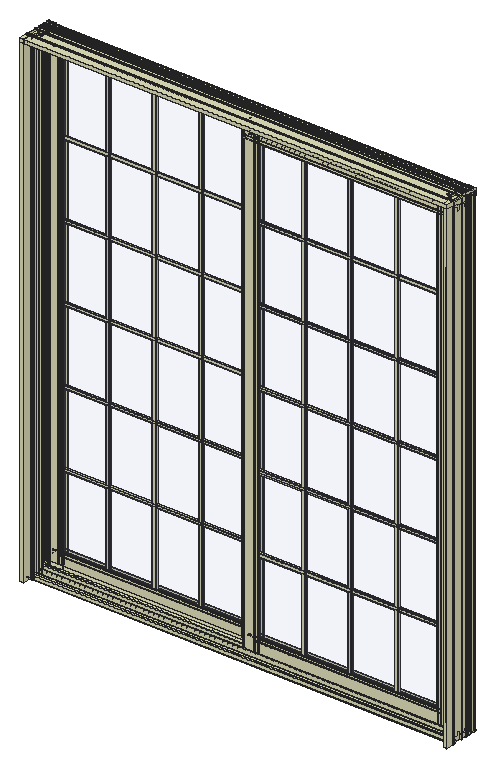
Revit family
Parameters
  Vertical Mullion 2 [instance] = and(Traditional Grille, not(Width > 7' 11 1/2"), and(Width > 7' 11 1/4"))  # no
  Vertical Mullion 3 [instance] = and(Traditional Grille, not(Width > 7' 11 1/4"), and(Width > 4' 11 1/4"))  # yes
  Unit Width = 5' - 11 1/2"
  Unit Height = 6' - 9 1/2"
  URL = "www.pella.com"
  Traditional Grille [instance] = yes
  Size Constraints = "Window Sizing constraints available in 1/4 inch (6.35 mm) increments"  # constant formula
  Set Back = 0' - 1 5/16"
  Series = "Impervia Series"  # constant formula
  Sections = ""
  Sash Width = Width - 0' 2 1/2"  # 5' - 9"
  Rough Width = Width + 0' 0 1/2"  # 6' - 0"
  Rough Height = Height + 0' 0 1/2"  # 6' - 10"
  Revisions Date = "07/30/2009"  # constant formula
  Prairie Grille [instance] = no
  OmniClass 23 = "23-30 00 00,23-30 10 00,23-30 10 14 17,23-30 10 17,23-30 10 17 11"  # constant formula
  MasterFormat 2004 = "08 00 00,08 10 00,08 15 00,08 15 13,08 30 00,08 32 00,08 32 16"  # constant formula
  Manufacturer = "Pella Windows & Doors"  # constant formula
  LEED = ""
  Interior Finish = Pella-Exterior Clad-Tan
  Horizontal Mullion 6 [instance] = and(Traditional Grille, not(Height > 7' 11 1/2"), and(Height > 7' 11 1/4"))  # no
  Horizontal Mullion 5 [instance] = and(Traditional Grille, not(Height > 7' 11 1/4"), and(Height > 6' 7 1/4"))  # yes
  Height = if(or(and(Unit Height < 7' 11 1/2", Unit Height > 6' 7 1/2"), or(Unit Height = 7' 11 1/2", Unit Height = 6' 7 1/2")), Unit Height, if(Unit Height < 6' 7 1/2", 6' 7 1/2", 7' 11 1/2"))  # 6' - 9 1/2"
  Grille Finish = Pella-Exterior Clad-Tan
  Glazing Type = Pella-Argon Filled, Low-E Insulating Glass
  Glazing = 0' - 1.0139"  # constant formula
  Exterior Finish = Pella-Exterior Clad-Tan
  Description = "Sliding Patio Door - Vent / Fixed Unit"  # constant formula
  Wall Closure = (empty or 0)
  Width = if(or(and(Unit Width < 7' 11 1/2", Unit Width > 4' 11 1/2"), or(Unit Width = 7' 11 1/2", Unit Width = 4' 11 1/2")), Unit Width, if(Unit Width < 4' 11 1/2", 4' 11 1/2", 7' 11 1/2"))  # 5' - 11 1/2"
  Assembly Code = "B2030900"
  Architectural Design Manual = "www.pellaadm.com"
  Architectural Data Sheet = "To be determined"
Reference planes (in)
  plane 1: y = 0
  plane 2 "Center (Left/Right)": x = 0
  plane 3 "Left": x = -35.75
  plane 4 "Right": x = 35.75
  plane 5 "Sill": z = 0
  plane 6 "Head": z = 81.5
  plane 7 "Exterior": y = 2.95276
  plane 8 "Interior": y = -2.95276
  plane 9 "Exterior Facade": y = 4.26526
  plane 10 "Set Back": y = 2.95276
  plane 11 "Left Sash": x = -34.5
  plane 12 "Right Sash": x = 34.5
  plane 13 "Interior Left": x = -32.35892
  plane 14 "Interior Right": x = 32.35892
  plane 15 "Head (Interior)": z = 80.25
  plane 16 "Sill (Interior)": z = 1.25
  plane 17 "Head-Interior": z = 78.10892
  plane 18 "Sill-Interior": z = 3.36067
  plane 19 "Glazing Exterior - Exterior": y = 2.39469
  plane 20 "Glazing Exterior - Interior": y = 2.27658
  plane 21 "Glazing Interior - Exterior": y = 1.38079
  plane 22 "Glazing Interior - Interior": y = 1.4989
  plane 23 "2nd Glazing Head": z = 77.80703
  plane 24 "2nd Glazing Sill": z = 3.66256
  plane 25: x = 32.05703
  plane 26: x = -32.05703
  plane 27: x = 35.125
  plane 28: y = -1.79722
  plane 29: x = -35.125
  plane 30: y = -1.79722
  plane 31: y = -1.79722
  plane 32: z = 80.875
  plane 33: z = 3.17232
  plane 34: z = 78.29727
  plane 35: x = -1.6127
  plane 36: x = -1.6127
  plane 37: z = 3.17232
  plane 38: z = 78.29727
  plane 39: z = 78.37601
  plane 40: z = 3.09358
  plane 41: x = -32.62601
  plane 42: x = 32.62601
  plane 43: x = -1.53396
  plane 44: x = 1.53396
  plane 45: x = -1.80104
  plane 46: x = 1.80104
  plane 47: x = -17.07998
  plane 48: x = 17.07998
  plane 49: y = -0.37532
  plane 50 "Glazing Interior - Exterior2": y = -0.25721
  plane 51: y = 0.52046
  plane 52 "Glazing Exterior - Exterior2": y = 0.63857
  plane 53: x = -32.54727
  plane 54: x = -32.54727
  plane 55: x = -0.42645
  plane 56: x = 0.42644
  plane 57: x = 32.54727
  plane 58: x = 1.6127
  plane 59: z = 3.17232
  plane 60: z = 78.29727
  plane 61: x = 1.6127
  plane 62: z = 78.29727
  plane 63: z = 3.17232
  plane 64: x = 32.54727
  plane 65: x = -22.26199
  plane 66: x = -11.89797
  plane 67: x = 11.89797
  plane 68: x = 22.26199
  plane 69: x = 22.63699
  plane 70: x = 21.88699
  plane 71: x = 12.27297
  plane 72: x = 11.52297
  plane 73: x = -22.63699
  plane 74: x = -21.88699
  plane 75: x = -12.27297
  plane 76: x = -11.52297
  plane 77: z = 15.81871
  plane 78: z = 40.7348
  plane 79: z = 65.65088
  plane 80: z = 16.19371
  plane 81: z = 15.44371
  plane 82: z = 40.3598
  plane 83: z = 41.1098
  plane 84: z = 65.27588
  plane 85: z = 66.02588
  plane 86: z = 16.19371
  plane 87: z = 15.44371
  plane 88: z = 41.1098
  plane 89: z = 40.3598
  plane 90: z = 66.02588
  plane 91: z = 65.27588
  plane 92: z = 14.03899
  plane 93: z = 35.39563
  plane 94: z = 46.07396
  plane 95: z = 67.4306
  plane 96: z = 14.41399
  plane 97: z = 13.66399
  plane 98: z = 35.77063
  plane 99: z = 35.02063
  plane 100: z = 46.44896
  plane 101: z = 45.69896
  plane 102: z = 67.8056
  plane 103: z = 67.0556
  plane 104: z = 14.41399
  plane 105: z = 13.66399
  plane 106: z = 35.77063
  plane 107: z = 35.02063
  plane 108: z = 46.44896
  plane 109: z = 45.69896
  plane 110: z = 67.8056
  plane 111: z = 67.0556
  plane 112: x = 29.20931
  plane 113: x = 29.58431
  plane 114: x = 28.83431
  plane 115: x = -29.20931
  plane 116: x = -29.58431
  plane 117: x = -28.83431
  plane 118: z = 7.01189
  plane 119: z = 6.26189
  plane 120: z = 6.63689
  plane 121: z = 74.4577
  plane 122: z = 75.2077
  plane 123: z = 74.8327
  plane 124: z = 7.01189
  plane 125: z = 6.26189
  plane 126: z = 6.63689
  plane 127: z = 74.4577
  plane 128: z = 75.2077
  plane 129: z = 74.8327
  plane 130: x = -24.853
  plane 131: x = -9.30697
  plane 132: x = 9.30697
  plane 133: x = 24.853
  plane 134: x = -4.04622
  plane 135: x = -3.67122
  plane 136: x = -4.42122
  plane 137: x = 4.04622
  plane 138: x = 3.67122
  plane 139: x = 4.42122
  plane 140: z = 53.19284
  plane 141: z = 28.27675
  plane 142: z = 56.75228
  plane 143: z = 24.71731
  plane 144: x = 9.68197
  plane 145: x = 8.93197
  plane 146: x = 16.70498
  plane 147: x = 17.45498
  plane 148: x = 24.478
  plane 149: x = 25.228
  plane 150: x = -24.478
  plane 151: x = -25.228
  plane 152: x = -9.68197
  plane 153: x = -8.93197
  plane 154: x = -16.70498
  plane 155: x = -17.45498
  plane 156: z = 25.09231
  plane 157: z = 24.34231
  plane 158: z = 57.12728
  plane 159: z = 56.37728
  plane 160: z = 25.09231
  plane 161: z = 24.34231
  plane 162: z = 57.12728
  plane 163: z = 56.37728
  plane 164: z = 28.65175
  plane 165: z = 27.90175
  plane 166: z = 53.56784
  plane 167: z = 52.81784
  plane 168: z = 28.65175
  plane 169: z = 27.90175
  plane 170: z = 53.56784
  plane 171: z = 52.81784
  plane 172: x = 4.43012
  plane 173: x = 7.38287
  plane 174: z = 38.76629
  plane 175: z = 42.7033
Forms (in)
  Sweep 1, solid, material "Pella-Exterior Clad-Tan" <- "Exterior Finish"
    path origin (0, 2.95276, 0) x (1, 0, 0) y (0, 0, 1)
      loop
        line (-35.75, 0) -> (-35.75, 81.5)
    profile origin (-35.75, 2.95276, 40.75) x (-1, 0, 0) y (0, -1, 0)
      loop
        line (-0.23, 1.94498) -> (-0.23, 4.30566)
        arc (-0.23, 4.30566) -> (-0.19767, 4.39869) -> (-0.11462, 4.45161) r 0.15
        arc (-0.11462, 4.45161) -> (-0.0897, 4.46749) -> (-0.08, 4.4954) r 0.045
        line (-0.08, 4.4954) -> (-0.08, 4.62498)
        arc (-0.08, 4.62498) -> (-0.09318, 4.6568) -> (-0.125, 4.66998) r 0.045
        line (-0.125, 4.66998) -> (-1.061, 4.66998)
        arc (-1.061, 4.66998) -> (-1.09282, 4.6568) -> (-1.106, 4.62498) r 0.045
        line (-1.106, 4.62498) -> (-1.106, 4.56122)
        arc (-1.106, 4.56122) -> (-1.10257, 4.544) -> (-1.09282, 4.5294) r 0.045
        line (-1.09282, 4.5294) -> (-0.93261, 4.36919)
        arc (-0.93261, 4.36919) -> (-0.90552, 4.32864) -> (-0.896, 4.2808) r 0.125
        line (-0.896, 4.2808) -> (-0.896, 3.99436)
        arc (-0.896, 3.99436) -> (-0.90552, 3.94652) -> (-0.93261, 3.90597) r 0.125
        line (-0.93261, 3.90597) -> (-1.09282, 3.74576)
        arc (-1.09282, 3.74576) -> (-1.10257, 3.73116) -> (-1.106, 3.71394) r 0.045
        line (-1.106, 3.71394) -> (-1.106, 2.27098)
        arc (-1.106, 2.27098) -> (-1.15286, 2.15784) -> (-1.266, 2.11098) r 0.16
        line (-1.266, 2.11098) -> (-1.51, 2.11098)
        arc (-1.51, 2.11098) -> (-1.54182, 2.0978) -> (-1.555, 2.06598) r 0.045
        line (-1.555, 2.06598) -> (-1.555, 1.98998)
        arc (-1.555, 1.98998) -> (-1.52864, 1.92634) -> (-1.465, 1.89998) r 0.09
        line (-1.465, 1.89998) -> (-0.275, 1.89998)
        arc (-0.275, 1.89998) -> (-0.24318, 1.91316) -> (-0.23, 1.94498) r 0.045
      loop
        line (-0.275, 1.81998) -> (-0.768, 1.81998)
        arc (-0.768, 1.81998) -> (-0.79982, 1.8068) -> (-0.813, 1.77498) r 0.045
        line (-0.813, 1.77498) -> (-0.813, 0.47898)
        arc (-0.813, 0.47898) -> (-0.85986, 0.36584) -> (-0.973, 0.31898) r 0.16
        line (-0.973, 0.31898) -> (-1.699, 0.31898)
        arc (-1.699, 0.31898) -> (-1.756, 0.26198) -> (-1.699, 0.20498) r 0.057
        line (-1.699, 0.20498) -> (-1.31988, 0.20498)
        arc (-1.31988, 0.20498) -> (-1.23153, 0.17838) -> (-1.17257, 0.10742) r 0.16
        arc (-1.17257, 0.10742) -> (-1.15598, 0.08746) -> (-1.13113, 0.07998) r 0.045
        line (-1.13113, 0.07998) -> (-0.125, 0.07998)
        arc (-0.125, 0.07998) -> (-0.09318, 0.09316) -> (-0.08, 0.12498) r 0.045
        line (-0.08, 0.12498) -> (-0.08, 0.25456)
        arc (-0.08, 0.25456) -> (-0.0897, 0.28247) -> (-0.11462, 0.29835) r 0.045
        arc (-0.11462, 0.29835) -> (-0.19767, 0.35127) -> (-0.23, 0.4443) r 0.15
        line (-0.23, 0.4443) -> (-0.23, 1.77498)
        arc (-0.23, 1.77498) -> (-0.24318, 1.8068) -> (-0.275, 1.81998) r 0.045
      loop
        arc (-1.106, 4.74998) -> (-1.16257, 4.72655) -> (-1.186, 4.66998) r 0.08
        line (-1.186, 4.66998) -> (-1.186, 4.56122)
        arc (-1.186, 4.56122) -> (-1.17648, 4.51338) -> (-1.14939, 4.47283) r 0.125
        line (-1.14939, 4.47283) -> (-1.09018, 4.41362)
        arc (-1.09018, 4.41362) -> (-1.08043, 4.39902) -> (-1.077, 4.3818) r 0.045
        line (-1.077, 4.3818) -> (-1.077, 3.89336)
        arc (-1.077, 3.89336) -> (-1.08043, 3.87614) -> (-1.09018, 3.86154) r 0.045
        line (-1.09018, 3.86154) -> (-1.15007, 3.80165)
        arc (-1.15007, 3.80165) -> (-1.17512, 3.76577) -> (-1.18627, 3.72345) r 0.125
        arc (-1.18627, 3.72345) -> (-1.21179, 3.67115) -> (-1.266, 3.64998) r 0.08
        line (-1.266, 3.64998) -> (-1.764, 3.64998)
        arc (-1.764, 3.64998) -> (-1.80643, 3.63241) -> (-1.824, 3.58998) r 0.06
        line (-1.824, 3.58998) -> (-1.824, 3.53998)
        arc (-1.824, 3.53998) -> (-1.784, 3.51091) -> (-1.744, 3.53998) r 0.04206
        line (-1.744, 3.53998) -> (-1.266, 3.53998)
        arc (-1.266, 3.53998) -> (-1.20943, 3.51655) -> (-1.186, 3.45998) r 0.08
        line (-1.186, 3.45998) -> (-1.186, 2.27098)
        arc (-1.186, 2.27098) -> (-1.20943, 2.21441) -> (-1.266, 2.19098) r 0.08
        line (-1.266, 2.19098) -> (-1.724, 2.19098)
        arc (-1.724, 2.19098) -> (-1.79471, 2.16169) -> (-1.824, 2.09098) r 0.1
        line (-1.824, 2.09098) -> (-1.824, 1.90298)
        arc (-1.824, 1.90298) -> (-1.81814, 1.88884) -> (-1.804, 1.88298) r 0.02
        line (-1.804, 1.88298) -> (-1.764, 1.88298)
        arc (-1.764, 1.88298) -> (-1.74986, 1.88884) -> (-1.744, 1.90298) r 0.02
        line (-1.744, 1.90298) -> (-1.744, 2.06598)
        arc (-1.744, 2.06598) -> (-1.6895, 2.12048) -> (-1.635, 2.06598) r 0.0545
        line (-1.635, 2.06598) -> (-1.635, 1.98998)
        arc (-1.635, 1.98998) -> (-1.58521, 1.86977) -> (-1.465, 1.81998) r 0.17
        line (-1.465, 1.81998) -> (-0.973, 1.81998)
        arc (-0.973, 1.81998) -> (-0.91643, 1.79655) -> (-0.893, 1.73998) r 0.08
        line (-0.893, 1.73998) -> (-0.893, 0.47898)
        arc (-0.893, 0.47898) -> (-0.91643, 0.42241) -> (-0.973, 0.39898) r 0.08
        line (-0.973, 0.39898) -> (-1.729, 0.39898)
        arc (-1.729, 0.39898) -> (-1.79618, 0.37116) -> (-1.824, 0.30398) r 0.095
        line (-1.824, 0.30398) -> (-1.824, 0.21998)
        arc (-1.824, 0.21998) -> (-1.79618, 0.15281) -> (-1.729, 0.12498) r 0.095
        line (-1.729, 0.12498) -> (-1.31988, 0.12498)
        arc (-1.31988, 0.12498) -> (-1.27118, 0.10845) -> (-1.24261, 0.06569) r 0.08
        arc (-1.24261, 0.06569) -> (-1.21499, 0.01855) -> (-1.16361, -0.00002) r 0.08034
        line (-1.16361, -0.00002) -> (-0.095, -0.00002)
        arc (-0.095, -0.00002) -> (-0.02782, 0.02781) -> (0, 0.09498) r 0.095
        line (0, 0.09498) -> (0, 0.27998)
        arc (0, 0.27998) -> (-0.02484, 0.34403) -> (-0.08636, 0.37459) r 0.095
        arc (-0.08636, 0.37459) -> (-0.1317, 0.3971) -> (-0.15, 0.4443) r 0.07
        line (-0.15, 0.4443) -> (-0.15, 0.8212)
        arc (-0.15, 0.8212) -> (-0.14048, 0.86904) -> (-0.11339, 0.90959) r 0.125
        line (-0.11339, 0.90959) -> (-0.03318, 0.9898)
        arc (-0.03318, 0.9898) -> (-0.02343, 1.0044) -> (-0.02, 1.02162) r 0.045
        line (-0.02, 1.02162) -> (-0.02, 1.08198)
        arc (-0.02, 1.08198) -> (-0.02892, 1.10247) -> (-0.05, 1.10991) r 0.028
        arc (-0.05, 1.10991) -> (-0.07108, 1.10247) -> (-0.08, 1.08198) r 0.028
        arc (-0.08, 1.08198) -> (-0.115, 1.04698) -> (-0.15, 1.08198) r 0.035
        line (-0.15, 1.08198) -> (-0.15, 1.48798)
        arc (-0.15, 1.48798) -> (-0.115, 1.52298) -> (-0.08, 1.48798) r 0.035
        arc (-0.08, 1.48798) -> (-0.07108, 1.46749) -> (-0.05, 1.46005) r 0.028
        arc (-0.05, 1.46005) -> (-0.02892, 1.46749) -> (-0.02, 1.48798) r 0.028
        line (-0.02, 1.48798) -> (-0.02, 1.54834)
        arc (-0.02, 1.54834) -> (-0.02343, 1.56556) -> (-0.03318, 1.58016) r 0.045
        line (-0.03318, 1.58016) -> (-0.11697, 1.66395)
        arc (-0.11697, 1.66395) -> (-0.13751, 1.69102) -> (-0.15, 1.72262) r 0.125
        arc (-0.15, 1.72262) -> (-0.13818, 1.75302) -> (-0.10892, 1.76745) r 0.045
        line (-0.10892, 1.76745) -> (-0.04108, 1.77339)
        arc (-0.04108, 1.77339) -> (-0.01182, 1.78781) -> (0, 1.81822) r 0.045
        line (0, 1.81822) -> (0, 1.88575)
        arc (0, 1.88575) -> (-0.01182, 1.91615) -> (-0.04108, 1.93057) r 0.045
        line (-0.04108, 1.93057) -> (-0.10892, 1.93651)
        arc (-0.10892, 1.93651) -> (-0.13818, 1.95094) -> (-0.15, 1.98134) r 0.045
        line (-0.15, 1.98134) -> (-0.15, 2.67962)
        arc (-0.15, 2.67962) -> (-0.13818, 2.71002) -> (-0.10892, 2.72445) r 0.045
        line (-0.10892, 2.72445) -> (-0.04108, 2.73039)
        arc (-0.04108, 2.73039) -> (-0.01182, 2.74481) -> (0, 2.77522) r 0.045
        line (0, 2.77522) -> (0, 2.84275)
        arc (0, 2.84275) -> (-0.01182, 2.87315) -> (-0.04108, 2.88757) r 0.045
        line (-0.04108, 2.88757) -> (-0.10892, 2.89351)
        arc (-0.10892, 2.89351) -> (-0.13818, 2.90794) -> (-0.15, 2.93834) r 0.045
        line (-0.15, 2.93834) -> (-0.15, 4.28424)
        arc (-0.15, 4.28424) -> (-0.12891, 4.34393) -> (-0.075, 4.37711) r 0.095
        arc (-0.075, 4.37711) -> (-0.02109, 4.41029) -> (0, 4.46998) r 0.095
        line (0, 4.46998) -> (0, 4.65498)
        arc (0, 4.65498) -> (-0.02782, 4.72216) -> (-0.095, 4.74998) r 0.095
        line (-0.095, 4.74998) -> (-1.106, 4.74998)
  Sweep 2, solid, material "Pella-Exterior Clad-Tan" <- "Exterior Finish"
    path origin (0, 2.95276, 0) x (1, 0, 0) y (0, 0, 1)
      loop
        line (35.75, 0) -> (35.75, 81.5)
    profile origin (35.75, 2.95276, 40.75) x (-1, 0, 0) y (0, -1, 0)
      loop
        arc (0.23, 1.94498) -> (0.24318, 1.91316) -> (0.275, 1.89998) r 0.045
        line (0.275, 1.89998) -> (1.465, 1.89998)
        arc (1.465, 1.89998) -> (1.52864, 1.92634) -> (1.555, 1.98998) r 0.09
        line (1.555, 1.98998) -> (1.555, 2.06598)
        arc (1.555, 2.06598) -> (1.54182, 2.0978) -> (1.51, 2.11098) r 0.045
        line (1.51, 2.11098) -> (1.266, 2.11098)
        arc (1.266, 2.11098) -> (1.15286, 2.15784) -> (1.106, 2.27098) r 0.16
        line (1.106, 2.27098) -> (1.106, 3.71394)
        arc (1.106, 3.71394) -> (1.10257, 3.73116) -> (1.09282, 3.74576) r 0.045
        line (1.09282, 3.74576) -> (0.93261, 3.90597)
        arc (0.93261, 3.90597) -> (0.90552, 3.94652) -> (0.896, 3.99436) r 0.125
        line (0.896, 3.99436) -> (0.896, 4.2808)
        arc (0.896, 4.2808) -> (0.90552, 4.32864) -> (0.93261, 4.36919) r 0.125
        line (0.93261, 4.36919) -> (1.09282, 4.5294)
        arc (1.09282, 4.5294) -> (1.10257, 4.544) -> (1.106, 4.56122) r 0.045
        line (1.106, 4.56122) -> (1.106, 4.62498)
        arc (1.106, 4.62498) -> (1.09282, 4.6568) -> (1.061, 4.66998) r 0.045
        line (1.061, 4.66998) -> (0.125, 4.66998)
        arc (0.125, 4.66998) -> (0.09318, 4.6568) -> (0.08, 4.62498) r 0.045
        line (0.08, 4.62498) -> (0.08, 4.4954)
        arc (0.08, 4.4954) -> (0.0897, 4.46749) -> (0.11462, 4.45161) r 0.045
        arc (0.11462, 4.45161) -> (0.19767, 4.39869) -> (0.23, 4.30566) r 0.15
        line (0.23, 4.30566) -> (0.23, 1.94498)
      loop
        arc (0.275, 1.81998) -> (0.24318, 1.8068) -> (0.23, 1.77498) r 0.045
        line (0.23, 1.77498) -> (0.23, 0.4443)
        arc (0.23, 0.4443) -> (0.19767, 0.35127) -> (0.11462, 0.29835) r 0.15
        arc (0.11462, 0.29835) -> (0.0897, 0.28247) -> (0.08, 0.25456) r 0.045
        line (0.08, 0.25456) -> (0.08, 0.12498)
        arc (0.08, 0.12498) -> (0.09318, 0.09316) -> (0.125, 0.07998) r 0.045
        line (0.125, 0.07998) -> (1.13113, 0.07998)
        arc (1.13113, 0.07998) -> (1.15598, 0.08746) -> (1.17257, 0.10742) r 0.045
        arc (1.17257, 0.10742) -> (1.23153, 0.17838) -> (1.31988, 0.20498) r 0.16
        line (1.31988, 0.20498) -> (1.699, 0.20498)
        arc (1.699, 0.20498) -> (1.756, 0.26198) -> (1.699, 0.31898) r 0.057
        line (1.699, 0.31898) -> (0.973, 0.31898)
        arc (0.973, 0.31898) -> (0.85986, 0.36584) -> (0.813, 0.47898) r 0.16
        line (0.813, 0.47898) -> (0.813, 1.77498)
        arc (0.813, 1.77498) -> (0.79982, 1.8068) -> (0.768, 1.81998) r 0.045
        line (0.768, 1.81998) -> (0.275, 1.81998)
      loop
        line (1.106, 4.74998) -> (0.095, 4.74998)
        arc (0.095, 4.74998) -> (0.02782, 4.72216) -> (0, 4.65498) r 0.095
        line (0, 4.65498) -> (0, 4.46998)
        arc (0, 4.46998) -> (0.02109, 4.41029) -> (0.075, 4.37711) r 0.095
        arc (0.075, 4.37711) -> (0.12891, 4.34393) -> (0.15, 4.28424) r 0.095
        line (0.15, 4.28424) -> (0.15, 2.93834)
        arc (0.15, 2.93834) -> (0.13818, 2.90794) -> (0.10892, 2.89351) r 0.045
        line (0.10892, 2.89351) -> (0.04108, 2.88757)
        arc (0.04108, 2.88757) -> (0.01182, 2.87315) -> (0, 2.84275) r 0.045
        line (0, 2.84275) -> (0, 2.77522)
        arc (0, 2.77522) -> (0.01182, 2.74481) -> (0.04108, 2.73039) r 0.045
        line (0.04108, 2.73039) -> (0.10892, 2.72445)
        arc (0.10892, 2.72445) -> (0.13818, 2.71002) -> (0.15, 2.67962) r 0.045
        line (0.15, 2.67962) -> (0.15, 1.98134)
        arc (0.15, 1.98134) -> (0.13818, 1.95094) -> (0.10892, 1.93651) r 0.045
        line (0.10892, 1.93651) -> (0.04108, 1.93057)
        arc (0.04108, 1.93057) -> (0.01182, 1.91615) -> (0, 1.88575) r 0.045
        line (0, 1.88575) -> (0, 1.81822)
        arc (0, 1.81822) -> (0.01182, 1.78781) -> (0.04108, 1.77339) r 0.045
        line (0.04108, 1.77339) -> (0.10892, 1.76745)
        arc (0.10892, 1.76745) -> (0.13818, 1.75302) -> (0.15, 1.72262) r 0.045
        arc (0.15, 1.72262) -> (0.13751, 1.69102) -> (0.11697, 1.66395) r 0.125
        line (0.11697, 1.66395) -> (0.03318, 1.58016)
        arc (0.03318, 1.58016) -> (0.02343, 1.56556) -> (0.02, 1.54834) r 0.045
        line (0.02, 1.54834) -> (0.02, 1.48798)
        arc (0.02, 1.48798) -> (0.02892, 1.46749) -> (0.05, 1.46005) r 0.028
        arc (0.05, 1.46005) -> (0.07108, 1.46749) -> (0.08, 1.48798) r 0.028
        arc (0.08, 1.48798) -> (0.115, 1.52298) -> (0.15, 1.48798) r 0.035
        line (0.15, 1.48798) -> (0.15, 1.08198)
        arc (0.15, 1.08198) -> (0.115, 1.04698) -> (0.08, 1.08198) r 0.035
        arc (0.08, 1.08198) -> (0.07108, 1.10247) -> (0.05, 1.10991) r 0.028
        arc (0.05, 1.10991) -> (0.02892, 1.10247) -> (0.02, 1.08198) r 0.028
        line (0.02, 1.08198) -> (0.02, 1.02162)
        arc (0.02, 1.02162) -> (0.02343, 1.0044) -> (0.03318, 0.9898) r 0.045
        line (0.03318, 0.9898) -> (0.11339, 0.90959)
        arc (0.11339, 0.90959) -> (0.14048, 0.86904) -> (0.15, 0.8212) r 0.125
        line (0.15, 0.8212) -> (0.15, 0.4443)
        arc (0.15, 0.4443) -> (0.1317, 0.3971) -> (0.08636, 0.37459) r 0.07
        arc (0.08636, 0.37459) -> (0.02484, 0.34403) -> (0, 0.27998) r 0.095
        line (0, 0.27998) -> (0, 0.09498)
        arc (0, 0.09498) -> (0.02782, 0.02781) -> (0.095, -0.00002) r 0.095
        line (0.095, -0.00002) -> (1.16361, -0.00002)
        arc (1.16361, -0.00002) -> (1.21499, 0.01855) -> (1.24261, 0.06569) r 0.08034
        arc (1.24261, 0.06569) -> (1.27118, 0.10845) -> (1.31988, 0.12498) r 0.08
        line (1.31988, 0.12498) -> (1.729, 0.12498)
        arc (1.729, 0.12498) -> (1.79618, 0.15281) -> (1.824, 0.21998) r 0.095
        line (1.824, 0.21998) -> (1.824, 0.30398)
        arc (1.824, 0.30398) -> (1.79618, 0.37116) -> (1.729, 0.39898) r 0.095
        line (1.729, 0.39898) -> (0.973, 0.39898)
        arc (0.973, 0.39898) -> (0.91643, 0.42241) -> (0.893, 0.47898) r 0.08
        line (0.893, 0.47898) -> (0.893, 1.73998)
        arc (0.893, 1.73998) -> (0.91643, 1.79655) -> (0.973, 1.81998) r 0.08
        line (0.973, 1.81998) -> (1.465, 1.81998)
        arc (1.465, 1.81998) -> (1.58521, 1.86977) -> (1.635, 1.98998) r 0.17
        line (1.635, 1.98998) -> (1.635, 2.06598)
        arc (1.635, 2.06598) -> (1.6895, 2.12048) -> (1.744, 2.06598) r 0.0545
        line (1.744, 2.06598) -> (1.744, 1.90298)
        arc (1.744, 1.90298) -> (1.74986, 1.88884) -> (1.764, 1.88298) r 0.02
        line (1.764, 1.88298) -> (1.804, 1.88298)
        arc (1.804, 1.88298) -> (1.81814, 1.88884) -> (1.824, 1.90298) r 0.02
        line (1.824, 1.90298) -> (1.824, 2.09098)
        arc (1.824, 2.09098) -> (1.79471, 2.16169) -> (1.724, 2.19098) r 0.1
        line (1.724, 2.19098) -> (1.266, 2.19098)
        arc (1.266, 2.19098) -> (1.20943, 2.21441) -> (1.186, 2.27098) r 0.08
        line (1.186, 2.27098) -> (1.186, 3.45998)
        arc (1.186, 3.45998) -> (1.20943, 3.51655) -> (1.266, 3.53998) r 0.08
        line (1.266, 3.53998) -> (1.744, 3.53998)
        arc (1.744, 3.53998) -> (1.784, 3.51091) -> (1.824, 3.53998) r 0.04206
        line (1.824, 3.53998) -> (1.824, 3.58998)
        arc (1.824, 3.58998) -> (1.80643, 3.63241) -> (1.764, 3.64998) r 0.06
        line (1.764, 3.64998) -> (1.266, 3.64998)
        arc (1.266, 3.64998) -> (1.21179, 3.67115) -> (1.18627, 3.72345) r 0.08
        arc (1.18627, 3.72345) -> (1.17512, 3.76577) -> (1.15007, 3.80165) r 0.125
        line (1.15007, 3.80165) -> (1.09018, 3.86154)
        arc (1.09018, 3.86154) -> (1.08043, 3.87614) -> (1.077, 3.89336) r 0.045
        line (1.077, 3.89336) -> (1.077, 4.3818)
        arc (1.077, 4.3818) -> (1.08043, 4.39902) -> (1.09018, 4.41362) r 0.045
        line (1.09018, 4.41362) -> (1.14939, 4.47283)
        arc (1.14939, 4.47283) -> (1.17648, 4.51338) -> (1.186, 4.56122) r 0.125
        line (1.186, 4.56122) -> (1.186, 4.66998)
        arc (1.186, 4.66998) -> (1.16257, 4.72655) -> (1.106, 4.74998) r 0.08
  Sweep 3, solid, material "Pella-Exterior Clad-Tan" <- "Exterior Finish"
    path origin (0, 2.95276, 0) x (1, 0, 0) y (0, 0, 1)
      loop
        line (35.75, 81.5) -> (-35.75, 81.5)
    profile origin (0, 2.95276, 81.5) x (0, 0, -1) y (0, -1, 0)
      loop
        arc (0.23, 1.94498) -> (0.24318, 1.91316) -> (0.275, 1.89998) r 0.045
        line (0.275, 1.89998) -> (1.465, 1.89998)
        arc (1.465, 1.89998) -> (1.52864, 1.92634) -> (1.555, 1.98998) r 0.09
        line (1.555, 1.98998) -> (1.555, 2.06598)
        arc (1.555, 2.06598) -> (1.54182, 2.0978) -> (1.51, 2.11098) r 0.045
        line (1.51, 2.11098) -> (1.266, 2.11098)
        arc (1.266, 2.11098) -> (1.15286, 2.15784) -> (1.106, 2.27098) r 0.16
        line (1.106, 2.27098) -> (1.106, 3.71394)
        arc (1.106, 3.71394) -> (1.10257, 3.73116) -> (1.09282, 3.74576) r 0.045
        line (1.09282, 3.74576) -> (0.93261, 3.90597)
        arc (0.93261, 3.90597) -> (0.90552, 3.94652) -> (0.896, 3.99436) r 0.125
        line (0.896, 3.99436) -> (0.896, 4.2808)
        arc (0.896, 4.2808) -> (0.90552, 4.32864) -> (0.93261, 4.36919) r 0.125
        line (0.93261, 4.36919) -> (1.09282, 4.5294)
        arc (1.09282, 4.5294) -> (1.10257, 4.544) -> (1.106, 4.56122) r 0.045
        line (1.106, 4.56122) -> (1.106, 4.62498)
        arc (1.106, 4.62498) -> (1.09282, 4.6568) -> (1.061, 4.66998) r 0.045
        line (1.061, 4.66998) -> (0.125, 4.66998)
        arc (0.125, 4.66998) -> (0.09318, 4.6568) -> (0.08, 4.62498) r 0.045
        line (0.08, 4.62498) -> (0.08, 4.4954)
        arc (0.08, 4.4954) -> (0.0897, 4.46749) -> (0.11462, 4.45161) r 0.045
        arc (0.11462, 4.45161) -> (0.19767, 4.39869) -> (0.23, 4.30566) r 0.15
        line (0.23, 4.30566) -> (0.23, 1.94498)
      loop
        arc (0.275, 1.81998) -> (0.24318, 1.8068) -> (0.23, 1.77498) r 0.045
        line (0.23, 1.77498) -> (0.23, 0.4443)
        arc (0.23, 0.4443) -> (0.19767, 0.35127) -> (0.11462, 0.29835) r 0.15
        arc (0.11462, 0.29835) -> (0.0897, 0.28247) -> (0.08, 0.25456) r 0.045
        line (0.08, 0.25456) -> (0.08, 0.12498)
        arc (0.08, 0.12498) -> (0.09318, 0.09316) -> (0.125, 0.07998) r 0.045
        line (0.125, 0.07998) -> (1.13113, 0.07998)
        arc (1.13113, 0.07998) -> (1.15598, 0.08746) -> (1.17257, 0.10742) r 0.045
        arc (1.17257, 0.10742) -> (1.23153, 0.17838) -> (1.31988, 0.20498) r 0.16
        line (1.31988, 0.20498) -> (1.699, 0.20498)
        arc (1.699, 0.20498) -> (1.756, 0.26198) -> (1.699, 0.31898) r 0.057
        line (1.699, 0.31898) -> (0.973, 0.31898)
        arc (0.973, 0.31898) -> (0.85986, 0.36584) -> (0.813, 0.47898) r 0.16
        line (0.813, 0.47898) -> (0.813, 1.77498)
        arc (0.813, 1.77498) -> (0.79982, 1.8068) -> (0.768, 1.81998) r 0.045
        line (0.768, 1.81998) -> (0.275, 1.81998)
      loop
        line (1.106, 4.74998) -> (0.095, 4.74998)
        arc (0.095, 4.74998) -> (0.02782, 4.72216) -> (0, 4.65498) r 0.095
        line (0, 4.65498) -> (0, 4.46998)
        arc (0, 4.46998) -> (0.02109, 4.41029) -> (0.075, 4.37711) r 0.095
        arc (0.075, 4.37711) -> (0.12891, 4.34393) -> (0.15, 4.28424) r 0.095
        line (0.15, 4.28424) -> (0.15, 2.93834)
        arc (0.15, 2.93834) -> (0.13818, 2.90794) -> (0.10892, 2.89351) r 0.045
        line (0.10892, 2.89351) -> (0.04108, 2.88757)
        arc (0.04108, 2.88757) -> (0.01182, 2.87315) -> (0, 2.84275) r 0.045
        line (0, 2.84275) -> (0, 2.77522)
        arc (0, 2.77522) -> (0.01182, 2.74481) -> (0.04108, 2.73039) r 0.045
        line (0.04108, 2.73039) -> (0.10892, 2.72445)
        arc (0.10892, 2.72445) -> (0.13818, 2.71002) -> (0.15, 2.67962) r 0.045
        line (0.15, 2.67962) -> (0.15, 1.98134)
        arc (0.15, 1.98134) -> (0.13818, 1.95094) -> (0.10892, 1.93651) r 0.045
        line (0.10892, 1.93651) -> (0.04108, 1.93057)
        arc (0.04108, 1.93057) -> (0.01182, 1.91615) -> (0, 1.88575) r 0.045
        line (0, 1.88575) -> (0, 1.81822)
        arc (0, 1.81822) -> (0.01182, 1.78781) -> (0.04108, 1.77339) r 0.045
        line (0.04108, 1.77339) -> (0.10892, 1.76745)
        arc (0.10892, 1.76745) -> (0.13818, 1.75302) -> (0.15, 1.72262) r 0.045
        arc (0.15, 1.72262) -> (0.13751, 1.69102) -> (0.11697, 1.66395) r 0.125
        line (0.11697, 1.66395) -> (0.03318, 1.58016)
        arc (0.03318, 1.58016) -> (0.02343, 1.56556) -> (0.02, 1.54834) r 0.045
        line (0.02, 1.54834) -> (0.02, 1.48798)
        arc (0.02, 1.48798) -> (0.02892, 1.46749) -> (0.05, 1.46005) r 0.028
        arc (0.05, 1.46005) -> (0.07108, 1.46749) -> (0.08, 1.48798) r 0.028
        arc (0.08, 1.48798) -> (0.115, 1.52298) -> (0.15, 1.48798) r 0.035
        line (0.15, 1.48798) -> (0.15, 1.08198)
        arc (0.15, 1.08198) -> (0.115, 1.04698) -> (0.08, 1.08198) r 0.035
        arc (0.08, 1.08198) -> (0.07108, 1.10247) -> (0.05, 1.10991) r 0.028
        arc (0.05, 1.10991) -> (0.02892, 1.10247) -> (0.02, 1.08198) r 0.028
        line (0.02, 1.08198) -> (0.02, 1.02162)
        arc (0.02, 1.02162) -> (0.02343, 1.0044) -> (0.03318, 0.9898) r 0.045
        line (0.03318, 0.9898) -> (0.11339, 0.90959)
        arc (0.11339, 0.90959) -> (0.14048, 0.86904) -> (0.15, 0.8212) r 0.125
        line (0.15, 0.8212) -> (0.15, 0.4443)
        arc (0.15, 0.4443) -> (0.1317, 0.3971) -> (0.08636, 0.37459) r 0.07
        arc (0.08636, 0.37459) -> (0.02484, 0.34403) -> (0, 0.27998) r 0.095
        line (0, 0.27998) -> (0, 0.09498)
        arc (0, 0.09498) -> (0.02782, 0.02781) -> (0.095, -0.00002) r 0.095
        line (0.095, -0.00002) -> (1.16361, -0.00002)
        arc (1.16361, -0.00002) -> (1.21499, 0.01855) -> (1.24261, 0.06569) r 0.08034
        arc (1.24261, 0.06569) -> (1.27118, 0.10845) -> (1.31988, 0.12498) r 0.08
        line (1.31988, 0.12498) -> (1.729, 0.12498)
        arc (1.729, 0.12498) -> (1.79618, 0.15281) -> (1.824, 0.21998) r 0.095
        line (1.824, 0.21998) -> (1.824, 0.30398)
        arc (1.824, 0.30398) -> (1.79618, 0.37116) -> (1.729, 0.39898) r 0.095
        line (1.729, 0.39898) -> (0.973, 0.39898)
        arc (0.973, 0.39898) -> (0.91643, 0.42241) -> (0.893, 0.47898) r 0.08
        line (0.893, 0.47898) -> (0.893, 1.73998)
        arc (0.893, 1.73998) -> (0.91643, 1.79655) -> (0.973, 1.81998) r 0.08
        line (0.973, 1.81998) -> (1.465, 1.81998)
        arc (1.465, 1.81998) -> (1.58521, 1.86977) -> (1.635, 1.98998) r 0.17
        line (1.635, 1.98998) -> (1.635, 2.06598)
        arc (1.635, 2.06598) -> (1.6895, 2.12048) -> (1.744, 2.06598) r 0.0545
        line (1.744, 2.06598) -> (1.744, 1.90298)
        arc (1.744, 1.90298) -> (1.74986, 1.88884) -> (1.764, 1.88298) r 0.02
        line (1.764, 1.88298) -> (1.804, 1.88298)
        arc (1.804, 1.88298) -> (1.81814, 1.88884) -> (1.824, 1.90298) r 0.02
        line (1.824, 1.90298) -> (1.824, 2.09098)
        arc (1.824, 2.09098) -> (1.79471, 2.16169) -> (1.724, 2.19098) r 0.1
        line (1.724, 2.19098) -> (1.266, 2.19098)
        arc (1.266, 2.19098) -> (1.20943, 2.21441) -> (1.186, 2.27098) r 0.08
        line (1.186, 2.27098) -> (1.186, 3.45998)
        arc (1.186, 3.45998) -> (1.20943, 3.51655) -> (1.266, 3.53998) r 0.08
        line (1.266, 3.53998) -> (1.744, 3.53998)
        arc (1.744, 3.53998) -> (1.784, 3.51091) -> (1.824, 3.53998) r 0.04206
        line (1.824, 3.53998) -> (1.824, 3.58998)
        arc (1.824, 3.58998) -> (1.80643, 3.63241) -> (1.764, 3.64998) r 0.06
        line (1.764, 3.64998) -> (1.266, 3.64998)
        arc (1.266, 3.64998) -> (1.21179, 3.67115) -> (1.18627, 3.72345) r 0.08
        arc (1.18627, 3.72345) -> (1.17512, 3.76577) -> (1.15007, 3.80165) r 0.125
        line (1.15007, 3.80165) -> (1.09018, 3.86154)
        arc (1.09018, 3.86154) -> (1.08043, 3.87614) -> (1.077, 3.89336) r 0.045
        line (1.077, 3.89336) -> (1.077, 4.3818)
        arc (1.077, 4.3818) -> (1.08043, 4.39902) -> (1.09018, 4.41362) r 0.045
        line (1.09018, 4.41362) -> (1.14939, 4.47283)
        arc (1.14939, 4.47283) -> (1.17648, 4.51338) -> (1.186, 4.56122) r 0.125
        line (1.186, 4.56122) -> (1.186, 4.66998)
        arc (1.186, 4.66998) -> (1.16257, 4.72655) -> (1.106, 4.74998) r 0.08
  Sweep 4, solid, material "Pella-Exterior Clad-Tan" <- "Exterior Finish"
    path origin (0, 2.95276, 0) x (1, 0, 0) y (0, 0, 1)
      loop
        line (35.75, 0) -> (-35.75, 0)
    profile origin (0, 2.95276, 0) x (0, 0, -1) y (0, -1, 0)
      loop
        arc (-1.37, 3.65098) -> (-1.41384, 3.63282) -> (-1.432, 3.58898) r 0.062
        line (-1.432, 3.58898) -> (-1.432, 3.53564)
        arc (-1.432, 3.53564) -> (-1.39383, 3.51434) -> (-1.35566, 3.53564) r 0.04485
        line (-1.35566, 3.53564) -> (-1.07966, 3.53564)
        arc (-1.07966, 3.53564) -> (-1.02333, 3.51231) -> (-1, 3.45598) r 0.07966
        line (-1, 3.45598) -> (-1, 2.30798)
        arc (-1, 2.30798) -> (-1.02343, 2.25141) -> (-1.08, 2.22798) r 0.08
        line (-1.08, 2.22798) -> (-1.205, 2.22798)
        arc (-1.205, 2.22798) -> (-1.2625, 2.17048) -> (-1.205, 2.11298) r 0.0575
        line (-1.205, 2.11298) -> (-1.08, 2.11298)
        arc (-1.08, 2.11298) -> (-1.02343, 2.08955) -> (-1, 2.03298) r 0.08
        arc (-1, 2.03298) -> (-0.97791, 1.95204) -> (-0.91775, 1.89355) r 0.15931
        line (-0.91775, 1.89355) -> (-0.59651, 1.77663)
        arc (-0.59651, 1.77663) -> (-0.56957, 1.76941) -> (-0.54179, 1.76698) r 0.16
        line (-0.54179, 1.76698) -> (-0.42713, 1.76698)
        arc (-0.42713, 1.76698) -> (-0.34188, 1.7334) -> (-0.30243, 1.6507) r 0.125
        line (-0.30243, 1.6507) -> (-0.28769, 1.43992)
        arc (-0.28769, 1.43992) -> (-0.35424, 1.25198) -> (-0.53708, 1.17248) r 0.25
        line (-0.53708, 1.17248) -> (-0.58416, 1.17248)
        arc (-0.58416, 1.17248) -> (-0.59955, 1.17519) -> (-0.61308, 1.18301) r 0.045
        line (-0.61308, 1.18301) -> (-0.63923, 1.20495)
        arc (-0.63923, 1.20495) -> (-0.66485, 1.21536) -> (-0.69171, 1.20883) r 0.045
        arc (-0.69171, 1.20883) -> (-0.72208, 1.18182) -> (-0.74127, 1.146) r 0.116
        arc (-0.74127, 1.146) -> (-0.74657, 1.10998) -> (-0.74127, 1.07396) r 0.125
        arc (-0.74127, 1.07396) -> (-0.72208, 1.03814) -> (-0.69171, 1.01114) r 0.116
        arc (-0.69171, 1.01114) -> (-0.66485, 1.0046) -> (-0.63923, 1.01501) r 0.045
        line (-0.63923, 1.01501) -> (-0.61308, 1.03695)
        arc (-0.61308, 1.03695) -> (-0.59955, 1.04477) -> (-0.58416, 1.04748) r 0.045
        line (-0.58416, 1.04748) -> (-0.49338, 1.04748)
        arc (-0.49338, 1.04748) -> (-0.32288, 0.98032) -> (-0.24399, 0.81492) r 0.25
        line (-0.24399, 0.81492) -> (-0.1909, 0.05579)
        arc (-0.1909, 0.05579) -> (-0.17197, 0.0161) -> (-0.13105, -0.00002) r 0.06
        line (-0.13105, -0.00002) -> (-0.06, -0.00002)
        arc (-0.06, -0.00002) -> (-0.01757, 0.01755) -> (0, 0.05998) r 0.06
        line (0, 0.05998) -> (0, 0.21898)
        arc (0, 0.21898) -> (-0.00808, 0.23985) -> (-0.02809, 0.24984) r 0.031
        arc (-0.02809, 0.24984) -> (-0.04737, 0.25905) -> (-0.05611, 0.27854) r 0.031
        line (-0.05611, 0.27854) -> (-0.1027, 0.94478) -> (0, 1.04748) -> (0, 1.17248) -> (-0.12754, 1.30002) -> (-0.15335, 1.66554)
        arc (-0.15335, 1.66554) -> (-0.13777, 1.73541) -> (-0.08644, 1.78531) r 0.12515
        arc (-0.08644, 1.78531) -> (-0.02379, 1.8441) -> (-0.00068, 1.92685) r 0.15968
        line (-0.00068, 1.92685) -> (-0.00068, 2.07927)
        arc (-0.00068, 2.07927) -> (-0.0194, 2.12446) -> (-0.0646, 2.14318) r 0.06392
        arc (-0.0646, 2.14318) -> (-0.09954, 2.13108) -> (-0.11436, 2.09719) r 0.04613
        line (-0.11436, 2.09719) -> (-0.11436, 1.9271)
        arc (-0.11436, 1.9271) -> (-0.12765, 1.89503) -> (-0.15971, 1.88175) r 0.04535
        line (-0.15971, 1.88175) -> (-0.54972, 1.88175) -> (-0.85539, 1.99323)
        arc (-0.85539, 1.99323) -> (-0.87686, 2.00971) -> (-0.885, 2.03552) r 0.045
        line (-0.885, 2.03552) -> (-0.885, 3.49098)
        arc (-0.885, 3.49098) -> (-0.87182, 3.5228) -> (-0.84, 3.53598) r 0.045
        line (-0.84, 3.53598) -> (-0.52, 3.53598)
        arc (-0.52, 3.53598) -> (-0.40686, 3.58284) -> (-0.36, 3.69598) r 0.16
        line (-0.36, 3.69598) -> (-0.36, 3.87498)
        arc (-0.36, 3.87498) -> (-0.40686, 3.98812) -> (-0.52, 4.03498) r 0.16
        line (-0.52, 4.03498) -> (-0.715, 4.03498)
        arc (-0.715, 4.03498) -> (-0.74682, 4.04816) -> (-0.76, 4.07998) r 0.045
        line (-0.76, 4.07998) -> (-0.76, 4.58998)
        arc (-0.76, 4.58998) -> (-0.74682, 4.6218) -> (-0.715, 4.63498) r 0.045
        line (-0.715, 4.63498) -> (-0.16, 4.63498)
        arc (-0.16, 4.63498) -> (-0.12818, 4.6218) -> (-0.115, 4.58998) r 0.045
        line (-0.115, 4.58998) -> (-0.115, 4.45748)
        arc (-0.115, 4.45748) -> (-0.09962, 4.42036) -> (-0.0625, 4.40498) r 0.0525
        arc (-0.0625, 4.40498) -> (-0.01831, 4.42329) -> (0, 4.46748) r 0.0625
        line (0, 4.46748) -> (0, 4.61998)
        arc (0, 4.61998) -> (-0.03808, 4.7119) -> (-0.13, 4.74998) r 0.13
        line (-0.13, 4.74998) -> (-0.75, 4.74998)
        arc (-0.75, 4.74998) -> (-0.83839, 4.71337) -> (-0.875, 4.62498) r 0.125
        line (-0.875, 4.62498) -> (-0.875, 4.04498)
        arc (-0.875, 4.04498) -> (-0.83839, 3.95659) -> (-0.75, 3.91998) r 0.125
        line (-0.75, 3.91998) -> (-0.52, 3.91998)
        arc (-0.52, 3.91998) -> (-0.48818, 3.9068) -> (-0.475, 3.87498) r 0.045
        line (-0.475, 3.87498) -> (-0.475, 3.69598)
        arc (-0.475, 3.69598) -> (-0.48818, 3.66416) -> (-0.52, 3.65098) r 0.045
        line (-0.52, 3.65098) -> (-1.37, 3.65098)
  Sweep 5, solid, material "Pella-Exterior Clad-Tan" <- "Exterior Finish"
    path origin (0, 2.95276, 0) x (1, 0, 0) y (0, 0, 1)
      loop
        line (34.5, 1.25) -> (-0.42645, 1.25)
    profile origin (17.03678, 2.95276, 1.25) x (0, 0, -1) y (0, -1, 0)
      loop
        arc (-1.86558, 3.45661) -> (-1.89036, 3.44423) -> (-1.91772, 3.43996) r 0.09
        line (-1.91772, 3.43996) -> (-2.32658, 3.43996)
        arc (-2.32658, 3.43996) -> (-2.38315, 3.41653) -> (-2.40658, 3.35996) r 0.08
        arc (-2.40658, 3.35996) -> (-2.4022, 3.34201) -> (-2.39005, 3.32808) r 0.03901
        line (-2.39005, 3.32808) -> (-2.35658, 3.32808)
        arc (-2.35658, 3.32808) -> (-2.34244, 3.33394) -> (-2.33658, 3.34808) r 0.02
        arc (-2.33658, 3.34808) -> (-2.33017, 3.36355) -> (-2.3147, 3.36996) r 0.02189
        line (-2.3147, 3.36996) -> (-1.88858, 3.36996)
        arc (-1.88858, 3.36996) -> (-1.85676, 3.35678) -> (-1.84358, 3.32496) r 0.045
        line (-1.84358, 3.32496) -> (-1.84358, 2.49635)
        arc (-1.84358, 2.49635) -> (-1.82519, 2.44906) -> (-1.77968, 2.42662) r 0.07
        line (-1.77968, 2.42662) -> (-1.58267, 2.40938)
        arc (-1.58267, 2.40938) -> (-1.54844, 2.3663) -> (-1.58267, 2.32322) r 0.04423
        line (-1.58267, 2.32322) -> (-1.73561, 2.30042)
        arc (-1.73561, 2.30042) -> (-1.77082, 2.30343) -> (-1.78938, 2.27337) r 0.03372
        arc (-1.78938, 2.27337) -> (-1.77609, 2.24127) -> (-1.74399, 2.22798) r 0.04539
        line (-1.74399, 2.22798) -> (-0.00572, 2.22798)
        arc (-0.00572, 2.22798) -> (0.06508, 2.25731) -> (0.09441, 2.3281) r 0.10012
        line (0.09441, 2.3281) -> (0.09441, 3.38896)
        arc (0.09441, 3.38896) -> (0.06648, 3.45831) -> (-0.0017, 3.48896) r 0.10008
        line (-0.0017, 3.48896) -> (-1.7642, 3.48896)
        arc (-1.7642, 3.48896) -> (-1.81741, 3.48068) -> (-1.86558, 3.45661) r 0.175
      loop
        arc (-1.52117, 2.43152) -> (-1.50072, 2.39864) -> (-1.49358, 2.36058) r 0.105
        line (-1.49358, 2.36058) -> (-1.49358, 2.32821)
        arc (-1.49358, 2.32821) -> (-1.4804, 2.29639) -> (-1.44858, 2.28321) r 0.045
        line (-1.44858, 2.28321) -> (-0.00567, 2.28321)
        arc (-0.00567, 2.28321) -> (0.02615, 2.29639) -> (0.03933, 2.32821) r 0.045
        line (0.03933, 2.32821) -> (0.03933, 3.38896)
        arc (0.03933, 3.38896) -> (0.02615, 3.42078) -> (-0.00567, 3.43396) r 0.045
        line (-0.00567, 3.43396) -> (-1.72858, 3.43396)
        arc (-1.72858, 3.43396) -> (-1.7604, 3.42078) -> (-1.77358, 3.38896) r 0.045
        line (-1.77358, 3.38896) -> (-1.77358, 2.52253)
        arc (-1.77358, 2.52253) -> (-1.76176, 2.49213) -> (-1.7325, 2.4777) r 0.045
        line (-1.7325, 2.4777) -> (-1.58943, 2.46518)
        arc (-1.58943, 2.46518) -> (-1.55214, 2.45475) -> (-1.52117, 2.43152) r 0.105
  Sweep 6, solid, material "Pella-Exterior Clad-Tan" <- "Exterior Finish"
    path origin (0, 2.95276, 0) x (1, 0, 0) y (0, 0, 1)
      loop
        line (34.5, 80.25) -> (34.5, 1.25)
    profile origin (34.5, 2.95276, 40.75) x (0, -1, 0) y (1, 0, 0)
      loop
        arc (3.46361, -1.89599) -> (3.48769, -1.84782) -> (3.49597, -1.79461) r 0.175
        line (3.49597, -1.79461) -> (3.49597, -0.03211)
        arc (3.49597, -0.03211) -> (3.46532, 0.03607) -> (3.39597, 0.064) r 0.10008
        line (3.39597, 0.064) -> (2.33511, 0.064)
        arc (2.33511, 0.064) -> (2.26431, 0.03467) -> (2.23499, -0.03612) r 0.10012
        line (2.23499, -0.03612) -> (2.23499, -1.7744)
        arc (2.23499, -1.7744) -> (2.24828, -1.8065) -> (2.28038, -1.81979) r 0.04539
        arc (2.28038, -1.81979) -> (2.31044, -1.80122) -> (2.30742, -1.76602) r 0.03372
        line (2.30742, -1.76602) -> (2.33023, -1.61308)
        arc (2.33023, -1.61308) -> (2.37331, -1.57885) -> (2.41639, -1.61308) r 0.04423
        line (2.41639, -1.61308) -> (2.43363, -1.81009)
        arc (2.43363, -1.81009) -> (2.45607, -1.8556) -> (2.50336, -1.87399) r 0.07
        line (2.50336, -1.87399) -> (3.33197, -1.87399)
        arc (3.33197, -1.87399) -> (3.36379, -1.88717) -> (3.37697, -1.91899) r 0.045
        line (3.37697, -1.91899) -> (3.37697, -2.34511)
        arc (3.37697, -2.34511) -> (3.37056, -2.36058) -> (3.35509, -2.36699) r 0.02189
        arc (3.35509, -2.36699) -> (3.34094, -2.37285) -> (3.33509, -2.38699) r 0.02
        line (3.33509, -2.38699) -> (3.33509, -2.42046)
        arc (3.33509, -2.42046) -> (3.34901, -2.43261) -> (3.36697, -2.43699) r 0.03901
        arc (3.36697, -2.43699) -> (3.42354, -2.41356) -> (3.44697, -2.35699) r 0.08
        line (3.44697, -2.35699) -> (3.44697, -1.94813)
        arc (3.44697, -1.94813) -> (3.45123, -1.92077) -> (3.46361, -1.89599) r 0.09
      loop
        arc (2.43853, -1.55158) -> (2.46176, -1.58255) -> (2.47219, -1.61984) r 0.105
        line (2.47219, -1.61984) -> (2.48471, -1.76291)
        arc (2.48471, -1.76291) -> (2.49914, -1.79217) -> (2.52954, -1.80399) r 0.045
        line (2.52954, -1.80399) -> (3.39597, -1.80399)
        arc (3.39597, -1.80399) -> (3.42779, -1.79081) -> (3.44097, -1.75899) r 0.045
        line (3.44097, -1.75899) -> (3.44097, -0.03608)
        arc (3.44097, -0.03608) -> (3.42779, -0.00426) -> (3.39597, 0.00892) r 0.045
        line (3.39597, 0.00892) -> (2.33522, 0.00892)
        arc (2.33522, 0.00892) -> (2.3034, -0.00426) -> (2.29022, -0.03608) r 0.045
        line (2.29022, -0.03608) -> (2.29022, -1.47899)
        arc (2.29022, -1.47899) -> (2.3034, -1.51081) -> (2.33522, -1.52399) r 0.045
        line (2.33522, -1.52399) -> (2.36759, -1.52399)
        arc (2.36759, -1.52399) -> (2.40565, -1.53113) -> (2.43853, -1.55158) r 0.105
  Sweep 7, solid, material "Pella-Exterior Clad-Tan" <- "Exterior Finish"
    path origin (0, 2.95276, 0) x (1, 0, 0) y (0, 0, 1)
      loop
        line (34.5, 1.25) -> (-0.42645, 1.25)
    profile origin (17.03678, 2.95276, 1.25) x (0, 0, -1) y (0, -1, 0)
      loop
        arc (-1.78971, 2.30574) -> (-1.76217, 2.32999) -> (-1.73223, 2.30876) r 0.02957
        line (-1.73223, 2.30876) -> (-1.59183, 2.37423)
        arc (-1.59183, 2.37423) -> (-1.57874, 2.40557) -> (-1.60873, 2.42151) r 0.02522
        line (-1.60873, 2.42151) -> (-1.72067, 2.3693)
        arc (-1.72067, 2.3693) -> (-1.80215, 2.36836) -> (-1.84012, 2.29626) r 0.07961
        line (-1.84012, 2.29626) -> (-2.34153, 2.29626)
        arc (-2.34153, 2.29626) -> (-2.3618, 2.31053) -> (-2.38632, 2.31418) r 0.05376
        arc (-2.38632, 2.31418) -> (-2.40039, 2.30836) -> (-2.40621, 2.29429) r 0.01989
        arc (-2.40621, 2.29429) -> (-2.40174, 2.26347) -> (-2.37576, 2.24631) r 0.03806
        line (-2.37576, 2.24631) -> (-1.85892, 2.24631)
        arc (-1.85892, 2.24631) -> (-1.81331, 2.2632) -> (-1.78971, 2.30574) r 0.07001
  Sweep 8, solid, material "Pella-Exterior Clad-Tan" <- "Exterior Finish"
    path origin (0, 2.95276, 0) x (1, 0, 0) y (0, 0, 1)
      loop
        line (34.5, 80.25) -> (-0.42645, 80.25)
    profile origin (17.03678, 2.95276, 80.25) x (0, 0, -1) y (0, -1, 0)
      loop
        arc (1.82012, 2.30574) -> (1.84372, 2.2632) -> (1.88933, 2.24631) r 0.07001
        line (1.88933, 2.24631) -> (2.40617, 2.24631)
        arc (2.40617, 2.24631) -> (2.43215, 2.26347) -> (2.43662, 2.29429) r 0.03806
        arc (2.43662, 2.29429) -> (2.4308, 2.30836) -> (2.41673, 2.31418) r 0.01989
        arc (2.41673, 2.31418) -> (2.39221, 2.31053) -> (2.37194, 2.29626) r 0.05376
        line (2.37194, 2.29626) -> (1.87053, 2.29626)
        arc (1.87053, 2.29626) -> (1.83256, 2.36836) -> (1.75108, 2.3693) r 0.07961
        line (1.75108, 2.3693) -> (1.63914, 2.42151)
        arc (1.63914, 2.42151) -> (1.60915, 2.40557) -> (1.62224, 2.37423) r 0.02522
        line (1.62224, 2.37423) -> (1.76264, 2.30876)
        arc (1.76264, 2.30876) -> (1.79258, 2.32999) -> (1.82012, 2.30574) r 0.02957
  Sweep 9, solid, material "Pella-Exterior Clad-Tan" <- "Exterior Finish"
    path origin (0, 2.95276, 0) x (1, 0, 0) y (0, 0, 1)
      loop
        line (34.5, 80.25) -> (34.5, 1.25)
    profile origin (34.5, 2.95276, 40.75) x (0, -1, 0) y (1, 0, 0)
      loop
        arc (2.30574, -1.82012) -> (2.2632, -1.84372) -> (2.24631, -1.88933) r 0.07001
        line (2.24631, -1.88933) -> (2.24631, -2.40617)
        arc (2.24631, -2.40617) -> (2.26347, -2.43215) -> (2.29429, -2.43662) r 0.03806
        arc (2.29429, -2.43662) -> (2.30836, -2.4308) -> (2.31418, -2.41673) r 0.01989
        arc (2.31418, -2.41673) -> (2.31053, -2.39221) -> (2.29626, -2.37194) r 0.05376
        line (2.29626, -2.37194) -> (2.29626, -1.87053)
        arc (2.29626, -1.87053) -> (2.36836, -1.83256) -> (2.3693, -1.75108) r 0.07961
        line (2.3693, -1.75108) -> (2.42151, -1.63914)
        arc (2.42151, -1.63914) -> (2.40557, -1.60915) -> (2.37423, -1.62224) r 0.02522
        line (2.37423, -1.62224) -> (2.30876, -1.76264)
        arc (2.30876, -1.76264) -> (2.32999, -1.79258) -> (2.30574, -1.82012) r 0.02957
  Sweep 10, solid, material "Pella-Exterior Clad-Tan" <- "Interior Finish"
    path origin (0, 2.95276, 0) x (1, 0, 0) y (0, 0, 1)
      loop
        line (35.75, 81.5) -> (35.75, 0)
    profile origin (35.75, 2.95276, 40.75) x (0, -1, 0) y (1, 0, 0)
      loop
        line (4.74998, 0) -> (4.74998, -0.625) -> (5.90551, -0.625) -> (5.90551, 0) -> (4.74998, 0)
  Sweep 11, solid, material "Pella-Exterior Clad-Tan" <- "Interior Finish"
    path origin (0, 2.95276, 0) x (1, 0, 0) y (0, 0, 1)
      loop
        line (-35.75, 81.5) -> (-35.75, 0)
    profile origin (-35.75, 2.95276, 40.75) x (0, -1, 0) y (1, 0, 0)
      loop
        line (4.74998, 0) -> (5.90551, 0) -> (5.90551, 0.625) -> (4.74998, 0.625) -> (4.74998, 0)
  Sweep 12, solid, material "Pella-Exterior Clad-Tan" <- "Interior Finish"
    path origin (0, 2.95276, 0) x (1, 0, 0) y (0, 0, 1)
      loop
        line (35.75, 81.5) -> (-35.75, 81.5)
    profile origin (0, 2.95276, 81.5) x (0, 0, -1) y (0, -1, 0)
      loop
        line (0, 4.74998) -> (0.625, 4.74998) -> (0.625, 5.90551) -> (0, 5.90551) -> (0, 4.74998)
  Extrusion 13, solid, material "Pella-Argon Filled, Low-E Insulating Glass" <- "Glazing Type"
    sketch origin (0, 2.39469, 0) x (0, 0, -1) y (1, 0, 0)
      loop
        line (-78.29727, -1.6127) -> (-78.29727, -32.54727) -> (-3.17232, -32.54727) -> (-3.17232, -1.6127) -> (-78.29727, -1.6127)
    from 0 to 0.11811
  Extrusion 14, solid, material "Pella-Argon Filled, Low-E Insulating Glass" <- "Glazing Type"
    sketch origin (0, 1.38079, 0) x (0, 0, -1) y (1, 0, 0)
      loop
        line (-3.17232, -32.54727) -> (-3.17232, -1.6127) -> (-78.29727, -1.6127) -> (-78.29727, -32.54727) -> (-3.17232, -32.54727)
    from 0 to -0.11811
  Sweep 15, solid, material "Pella-Exterior Clad-Tan" <- "Exterior Finish"
    path origin (0, 2.95276, 0) x (1, 0, 0) y (0, 0, 1)
      loop
        line (0, 1.25) -> (0, 80.25)
    profile origin (0, 2.95276, 40.75) x (-1, 0, 0) y (0, -1, 0)
      loop
        arc (-1.55596, 3.46361) -> (-1.58073, 3.45123) -> (-1.6081, 3.44697) r 0.09
        line (-1.6081, 3.44697) -> (-2.01696, 3.44697)
        arc (-2.01696, 3.44697) -> (-2.07353, 3.42354) -> (-2.09696, 3.36697) r 0.08
        arc (-2.09696, 3.36697) -> (-2.09258, 3.34901) -> (-2.08042, 3.33509) r 0.03901
        line (-2.08042, 3.33509) -> (-2.04696, 3.33509)
        arc (-2.04696, 3.33509) -> (-2.03281, 3.34094) -> (-2.02696, 3.35509) r 0.02
        arc (-2.02696, 3.35509) -> (-2.02055, 3.37056) -> (-2.00507, 3.37697) r 0.02189
        line (-2.00507, 3.37697) -> (-1.57896, 3.37697)
        arc (-1.57896, 3.37697) -> (-1.54714, 3.36379) -> (-1.53396, 3.33197) r 0.045
        line (-1.53396, 3.33197) -> (-1.53396, 2.50336)
        arc (-1.53396, 2.50336) -> (-1.51557, 2.45607) -> (-1.47006, 2.43363) r 0.07
        line (-1.47006, 2.43363) -> (-1.27304, 2.41639)
        arc (-1.27304, 2.41639) -> (-1.23882, 2.37331) -> (-1.27304, 2.33023) r 0.04423
        line (-1.27304, 2.33023) -> (-1.42598, 2.30742)
        arc (-1.42598, 2.30742) -> (-1.46119, 2.31044) -> (-1.47976, 2.28038) r 0.03372
        arc (-1.47976, 2.28038) -> (-1.46646, 2.24828) -> (-1.43437, 2.23499) r 0.04539
        line (-1.43437, 2.23499) -> (0.07304, 2.23499)
        arc (0.07304, 2.23499) -> (0.11688, 2.21683) -> (0.13504, 2.17299) r 0.062
        line (0.13504, 2.17299) -> (0.13504, 2.05299)
        arc (0.13504, 2.05299) -> (0.11688, 2.00915) -> (0.07304, 1.99099) r 0.062
        line (0.07304, 1.99099) -> (-0.25096, 1.99099)
        arc (-0.25096, 1.99099) -> (-0.26511, 1.98513) -> (-0.27096, 1.97099) r 0.02
        line (-0.27096, 1.97099) -> (-0.27096, 1.93099)
        arc (-0.27096, 1.93099) -> (-0.26511, 1.91685) -> (-0.25096, 1.91099) r 0.02
        line (-0.25096, 1.91099) -> (0.15304, 1.91099)
        arc (0.15304, 1.91099) -> (0.19688, 1.92915) -> (0.21504, 1.97299) r 0.062
        line (0.21504, 1.97299) -> (0.21504, 2.18999)
        arc (0.21504, 2.18999) -> (0.26954, 2.24449) -> (0.32404, 2.18999) r 0.0545
        line (0.32404, 2.18999) -> (0.32404, 1.93099)
        arc (0.32404, 1.93099) -> (0.32989, 1.91685) -> (0.34404, 1.91099) r 0.02
        line (0.34404, 1.91099) -> (0.38404, 1.91099)
        arc (0.38404, 1.91099) -> (0.39818, 1.91685) -> (0.40404, 1.93099) r 0.02
        line (0.40404, 1.93099) -> (0.40404, 3.39597)
        arc (0.40404, 3.39597) -> (0.37611, 3.46532) -> (0.30792, 3.49597) r 0.10008
        line (0.30792, 3.49597) -> (-1.45458, 3.49597)
        arc (-1.45458, 3.49597) -> (-1.50779, 3.48769) -> (-1.55596, 3.46361) r 0.175
      loop
        arc (-1.21154, 2.43853) -> (-1.1911, 2.40565) -> (-1.18396, 2.36759) r 0.105
        line (-1.18396, 2.36759) -> (-1.18396, 2.33522)
        arc (-1.18396, 2.33522) -> (-1.17078, 2.3034) -> (-1.13896, 2.29022) r 0.045
        line (-1.13896, 2.29022) -> (0.30395, 2.29022)
        arc (0.30395, 2.29022) -> (0.33577, 2.3034) -> (0.34895, 2.33522) r 0.045
        line (0.34895, 2.33522) -> (0.34895, 3.39597)
        arc (0.34895, 3.39597) -> (0.33577, 3.42779) -> (0.30395, 3.44097) r 0.045
        line (0.30395, 3.44097) -> (-1.41896, 3.44097)
        arc (-1.41896, 3.44097) -> (-1.45078, 3.42779) -> (-1.46396, 3.39597) r 0.045
        line (-1.46396, 3.39597) -> (-1.46396, 2.52954)
        arc (-1.46396, 2.52954) -> (-1.45213, 2.49914) -> (-1.42288, 2.48471) r 0.045
        line (-1.42288, 2.48471) -> (-1.27981, 2.47219)
        arc (-1.27981, 2.47219) -> (-1.24252, 2.46176) -> (-1.21154, 2.43853) r 0.105
  Sweep 16, solid, material "Pella-Exterior Clad-Tan" <- "Exterior Finish"
    path origin (0, 2.95276, 0) x (1, 0, 0) y (0, 0, 1)
      loop
        line (-34.5, 1.25) -> (-34.5, 80.25)
    profile origin (-34.5, 2.95276, 40.75) x (-1, 0, 0) y (0, -1, 0)
      loop
        arc (-1.89599, 1.7075) -> (-1.92077, 1.69512) -> (-1.94813, 1.69086) r 0.09
        line (-1.94813, 1.69086) -> (-2.35699, 1.69086)
        arc (-2.35699, 1.69086) -> (-2.41356, 1.66743) -> (-2.43699, 1.61086) r 0.08
        arc (-2.43699, 1.61086) -> (-2.43261, 1.5929) -> (-2.42046, 1.57897) r 0.03901
        line (-2.42046, 1.57897) -> (-2.38699, 1.57897)
        arc (-2.38699, 1.57897) -> (-2.37285, 1.58483) -> (-2.36699, 1.59897) r 0.02
        arc (-2.36699, 1.59897) -> (-2.36058, 1.61445) -> (-2.34511, 1.62086) r 0.02189
        line (-2.34511, 1.62086) -> (-1.91899, 1.62086)
        arc (-1.91899, 1.62086) -> (-1.88717, 1.60768) -> (-1.87399, 1.57586) r 0.045
